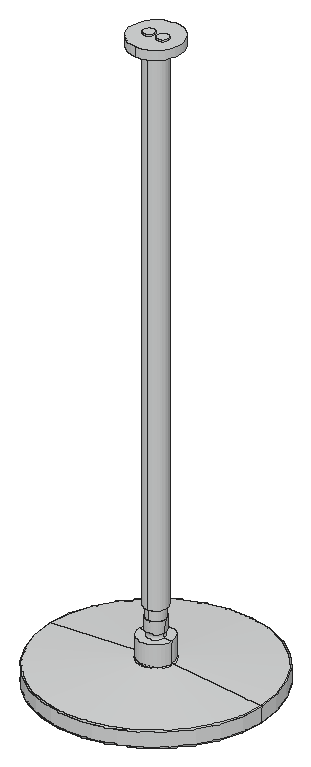
Revit family "Shower_Rose_Nero_Opal", category Plumbing Fixtures, Revit 2022
Family settings
  Round Connector Dimension = Use Diameter
  Part Type = Normal
  OmniClass Number = 23.31.17.00
  Work Plane-Based = No
  Always vertical = Yes
  Cut with Voids When Loaded = Yes
  Maintain Annotation Orientation = No
  Shared = No
  Room Calculation Point = No
Parameters (values of type "Chrome (NR508079CH)")
  Waste Connection = no
  Vent Connection = no
  Uniclass2015Version = "Products v1.35"
  Uniclass2015Title = "Shower fittings package"
  Uniclass2015Code = "Pr_40_20_87_75"
  URL = "https://nerotapware.com.au/"
  Type Comments = "Shower - Rose - Chrome"
  ModifiedIssue = 20241210
  Model = "NR508079CH"
  HW Connection = yes
  Default Elevation = 0 mm
  CW Connection = yes
  BodyMaterial = Metal_Chrome_Nero
  ManufacturerURLProductSpecific = "https://nerotapware.com.au/product/250mm-opal-shower-head-ch-nr508079ch/"
  ManufacturerSpecCode = "NR508079CH"
  ManufacturerOverallWidth = 250 mm  # constant formula
  ManufacturerOverallHeight = 682.5 mm  # constant formula
  ManufacturerOverallDepth = 250 mm  # constant formula
  ManufacturerHeightFromFFL [instance] = 2400 mm
  Manufacturer = "Nero"
  IfcExportType = "SHOWER"
  IfcExportAs = "IfcSanitaryTerminal"
  Description = "Opal 250mm Shower Head Chrome"
  CreatedByURL = "https://igsgroup.com.au"
  CreatedBy = "IGS BIM Solutions"  # constant formula
  Assembly Code = "D2010710"
Types (7, lengths in mm): name | Uniclass2015Version | Type Comments | Model | BodyMaterial | ManufacturerURLProductSpecific | ManufacturerSpecCode | ManufacturerHeightFromFFL | Description
  Brushed Bronze (NR508079BZ) | "Products v1.28" | "Shower - Rose - Brushed Bronze" | "NR508079BZ" | Metal_Bronze_Nero_Brushed | "https://nerotapware.com.au/product/250mm-opal-shower-head-bz-nr508079bz/" | "NR508079BZ" | 2482 | "Opal 250mm Shower Head Brushed Bronze"
  Chrome (NR508079CH) | "Products v1.35" | "Shower - Rose - Chrome" | "NR508079CH" | Metal_Chrome_Nero | "https://nerotapware.com.au/product/250mm-opal-shower-head-ch-nr508079ch/" | "NR508079CH" | 2400 | "Opal 250mm Shower Head Chrome"
  Matte Black (NR508079MB) | "Products v1.28" | "Shower - Rose - Matte Black" | "NR508079MB" | Metal_MatteBlack_Nero | "https://nerotapware.com.au/product/250mm-opal-shower-head-mb-nr508079mb/" | "NR508079MB" | 2482 | "Opal 250mm Shower Head Matte Black"
  Gun Metal (NR508079GM) | "Products v1.35" | "Shower - Rose - Gun Metal" | "NR508079GM" | Metal_GunMetal_Nero | "https://nerotapware.com.au/product/opal-250mm-shower-head-gun-metal-nr508079gm/" | "NR508079GM" | 2482 | "Opal 250mm Shower Head Gun Metal"
  Graphite (NR508079GR) | "Products v1.28" | "Shower - Rose - Graphite" | "NR508079GR" | Metal_Graphite_Nero_Brushed | "https://nerotapware.com.au/product/250mm-opal-shower-head-gr-nr508079gr/" | "NR508079GR" | 2482 | "Opal 250mm Shower Head Graphite"
  Brushed Gold (NR508079BG) | "Products v1.28" | "Shower - Rose - Brushed Gold" | "NR508079BG" | Metal_Gold_Nero_Brushed | "https://nerotapware.com.au/product/250mm-opal-shower-head-bg-nr508079bg/" | "NR508079BG" | 2482 | "Opal 250mm Shower Head Brushed Gold"
  Brushed Nickel (NR508079BN) | "Products v1.28" | "Shower - Rose - Brushed Nickel" | "NR508079BN" | Metal_Nickel_Nero_Brushed | "https://nerotapware.com.au/product/250mm-opal-shower-head-bn-nr508079bn/" | "NR508079BN" | 2482 | "Opal 250mm Shower Head Brushed Nickel"
Reference planes
  plane 1 "Ref. Level": z = 0
  plane 2 "Back": y = 173.75
  plane 3 "Center (Left/Right)": x = 0
  plane 4 "Right": x = 125
  plane 5 "Left": x = -125
  plane 6 "Bottom": z = 1717.5
  plane 7 "ShowerHeadCenter": y = 48.75
  plane 8 "Center L/OO": y = -76.25
  plane 9 "Top": z = 2400
  plane 10 "Center L/PP": z = 1799.5
Forms (mm)
  Revolve 1, solid, material "Metal_Chrome_Nero" <- "BodyMaterial"
    sketch origin (0, 48.75, -510.42) x (1, 0, 0) y (0, 0, 1)
      loop
        line (0, 2228.2) -> (0, 2297.5) -> (-11.5, 2297.5) -> (-10.788, 2283.922)
        arc (-10.788, 2283.922) -> (-8.774, 2281.19) -> (-9.345, 2277.844) r 4.337
        line (-9.345, 2277.844) -> (-19.345, 2277.844) -> (-19.345, 2254.769)
        arc (-19.345, 2254.769) -> (-19.613, 2254.088) -> (-20.274, 2253.772) r 1
        line (-20.274, 2253.772) -> (-124.071, 2246.429)
        arc (-124.071, 2246.429) -> (-124.732, 2246.113) -> (-125, 2245.432) r 1
        line (-125, 2245.432) -> (-125, 2229.2)
        arc (-125, 2229.2) -> (-124.707, 2228.493) -> (-124, 2228.2) r 1
        line (-124, 2228.2) -> (0, 2228.2)
      axis (0, 2297.5) -> (0, 2228.2)
    angle from 0 to 360
  Revolve 2, solid, material "Metal_Chrome_Nero" <- "BodyMaterial"
    sketch origin (0, 1161.962, 4000) x (0, 1, 0) y (0, 0, 1)
      loop
        line (-1113.212, -1600) -> (-1142.212, -1600) -> (-1142.212, -1609.92) -> (-1113.212, -1609.92) -> (-1113.212, -1600)
      axis (-1113.212, -1609.92) -> (-1113.212, -1600)
    angle from 0 to 360
  Sweep 3, solid, material "Metal_Chrome_Nero" <- "BodyMaterial"
    path origin (0, 1161.962, 4000) x (0, 1, 0) y (0, 0, 1)
      loop
        line (-1113.212, -2200.42) -> (-1113.212, -1600)
    profile origin (0, 48.75, 2099.79) x (0, -1, 0) y (1, 0, 0)
      loop
        circle (0, 0) r 12.5
  Revolve 4, solid, material "Metal_Chrome_Nero" <- "BodyMaterial"
    sketch origin (0, -3197.25, 2395.292) x (0, 0, 1) y (0, -1, 0)
      loop
        line (-608.212, -3246) -> (-595.712, -3246) -> (-595.712, -3237.5) -> (-598.212, -3237.5) -> (-598.212, -3236) -> (-608.212, -3236) -> (-608.212, -3246)
      axis (-608.212, -3246) -> (-595.712, -3246)
    angle from 0 to 360
  Extrusion 5, solid, material "Metal_Chrome_Nero" <- "BodyMaterial"
    sketch origin (0, 48.75, 2400) x (-1, 0, 0) y (0, -1, 0)
      loop
        circle (-8.125, 0) r 6.35
      loop
        circle (8.125, 0) r 6.35
    from 0 to 1
  Extrusion 6, void
    sketch origin (0, 48.75, 2400) x (-1, 0, 0) y (0, -1, 0)
      loop
        circle (0, 0) r 15
    from 0 to 30
Cuts and joins
  joined: Revolve 2, Sweep 3
Lines and regions (mm)
  Masking region 1
    outline origin (0, 0, 2400) x (0, -1, 0) y (1, 0, 0)
      loop
        circle (-48.75, 0) r 125
  symbolic lines, style "Baths/Showers", detail levels medium+fine
    curve 1: circle (0, 48.75, 2400) r 29 normal (0, 0, -1)
Text (mm)
  text "Disclaimer:\nDue to ongoing product development and manufacturing \nevolution, product details are subject to change without \nnotice. Please refer to product technical data sheets on \nthe manufacturers website for the most current product \ninformation. Please allow a +/- 5mm manufacturing \ntolerance for dimensions and set-outs shown in product \nliterature." at (279.711, 166.917, 0), in view "Ref. Level"
Dimensions and locks
  equal spacing: plane 5 "Left", plane 3 "Center (Left/Right)", plane 4 "Right"
  "ManufacturerOverallWidth": plane 5 "Left" to plane 4 "Right"
  equal spacing: plane 8 "Center L/OO", plane 7 "ShowerHeadCenter", plane 2 "Back", locked at 125 each
  "ManufacturerOverallDepth": plane 8 "Center L/OO" to plane 2 "Back"
  locked: plane 10 "Center L/PP" to plane 6 "Bottom" at 82
  "ManufacturerOverallHeight": plane 9 "Top" to plane 6 "Bottom"
  "ManufacturerHeightFromFFL": plane 9 "Top" to plane 1 "Ref. Level"
  aligned and locked: level to plane 1 "Ref. Level"
Automatic sketch dimensions
  Revolve 1 sketch curve to plane 5 "Left" = 0 mm
  Revolve 1 sketch curve to plane 3 "Center (Left/Right)" = 0 mm
  plane 3 "Center (Left/Right)" to Revolve 1 sketch curve = 0 mm
  plane 5 "Left" to Revolve 1 sketch curve = 0.929 mm
  Revolve 1 sketch curve to Revolve 1 sketch curve = 0.071 mm  (x2)
  Revolve 1 sketch curve to plane 6 "Bottom" = 0.28 mm
  plane 5 "Left" to Revolve 1 sketch curve = 1 mm
  Revolve 1 sketch curve to plane 3 "Center (Left/Right)" = 20.345 mm
  Revolve 1 sketch curve to Revolve 1 sketch curve = 6.35 mm
  Revolve 1 sketch curve to Revolve 1 sketch curve = 11.5 mm
  Revolve 1 sketch curve to Revolve 1 sketch curve = 2.206 mm
  Revolve 1 sketch curve to Revolve 1 sketch curve = 3.65 mm
  Revolve 1 sketch curve to Revolve 1 sketch curve = 2.343 mm
  Revolve 1 sketch curve to Revolve 1 sketch curve = 13.578 mm
  plane 6 "Bottom" to Revolve 1 sketch curve = 9.174 mm
  Revolve 1 sketch curve to level = 413.188 mm
  Sweep 3 sketch curve to profile plane = 0 mm  (x2)
  Revolve 4 sketch curve to plane 7 "ShowerHeadCenter" = 0 mm  (x2)
  Revolve 4 sketch curve to Revolve 4 sketch curve = 10 mm  (x2)
  Revolve 4 sketch curve to Revolve 4 sketch curve = 2.5 mm
  Revolve 4 sketch curve to Revolve 4 sketch curve = 8.5 mm
  Revolve 4 sketch curve to Revolve 4 sketch curve = 17.427 mm
  Revolve 4 sketch curve to Revolve 4 sketch curve = 19.016 mm
  Revolve 1 sketch curve to Revolve 1 sketch curve = 1 mm
  Revolve 1 sketch curve to Revolve 1 sketch curve = 16.232 mm
  Revolve 1 sketch curve to plane 6 "Bottom" = 25.851 mm
  Revolve 1 sketch curve to Revolve 1 sketch curve = 23.075 mm
  Revolve 4 sketch curve to plane 6 "Bottom" = 69.58 mm
  plane 9 "Top" to Revolve 2 sketch curve = 0 mm
  Revolve 2 sketch curve to plane 7 "ShowerHeadCenter" = 0 mm  (x2)
  plane 9 "Top" to Revolve 2 sketch curve = 9.92 mm
  plane 7 "ShowerHeadCenter" to Revolve 2 sketch curve = 29 mm
  plane 6 "Bottom" to Revolve 2 sketch curve = 109.542 mm
  Revolve 2 sketch curve to plane 9 "Top" = 207.694 mm
  Sweep 3 sketch curve to plane 7 "ShowerHeadCenter" = 0 mm
  plane 9 "Top" to Sweep 3 sketch curve = 0 mm
  Sweep 3 sketch curve to plane 10 "Center L/PP" = 0.08 mm
  Revolve 2 to Extrusion 5 sketch curve = 8.125 mm
  Extrusion 5 sketch curve to Revolve 2 = 8.125 mm
  Extrusion 5 sketch curve to Extrusion 5 sketch curve = 0 mm
  Masking region 1 sketch curve to plane 3 "Center (Left/Right)" = 0 mm
  plane 7 "ShowerHeadCenter" to Masking region 1 sketch curve = 0 mm
  curve 1 to plane 3 "Center (Left/Right)" = 0 mm
  plane 7 "ShowerHeadCenter" to curve 1 = 0 mm
  radius of Sweep 3 sketch curve = 12.5 mm
  radius of Extrusion 5 sketch curve = 6.35 mm  (x2)
  radius of Extrusion 6 sketch curve to Revolve 2 = 14 mm
  radius of Masking region 1 sketch curve = 125 mm
  radius of curve 1 = 29 mm
Connectors
  piping at (-8.125, 48.75, 2401), diameter 12.7, driven by "HW Connection"
    settings: on Extrusion 5, index 1, connector inside diameter 609.6 mm, connector length 0 mm, flow factor 0, pipe flow 0.0 L/s, pressure drop 0.0 Pa, fitting loss kfactor 0, connector angle 0.00°, fixture units 0, engagement length 0 mm, angle of deflection 0.00°, flow configuration 0, flow direction 1, fitting loss method 0, system type 19, joint type 0, gender type 0, connector reference index -1, connector utility 1, adjustable connector no, is connector primary yes, connector description "Hot Water Supply"
  piping at (8.125, 48.75, 2401), diameter 12.7, driven by "CW Connection"
    settings: on Extrusion 5, index 2, connector inside diameter 609.6 mm, connector length 0 mm, flow factor 0, pipe flow 0.0 L/s, pressure drop 0.0 Pa, fitting loss kfactor 0, connector angle 0.00°, fixture units 0, engagement length 0 mm, angle of deflection 0.00°, flow configuration 0, flow direction 1, fitting loss method 0, system type 20, joint type 0, gender type 0, connector reference index -1, connector utility 1, adjustable connector no, is connector primary no, connector description "Cold Water Supply"
